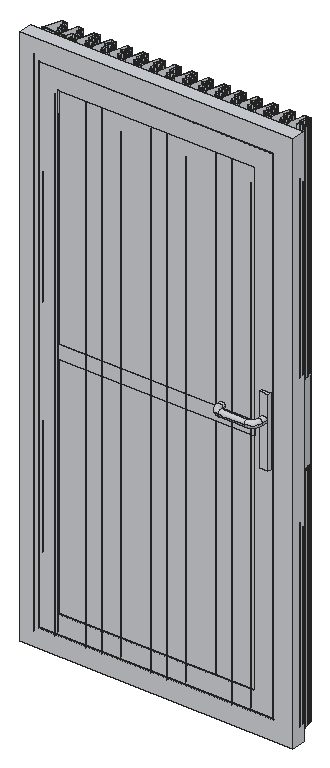
Revit family "NLRS_31_DO_WB_VS50 enkele deur-AV_jazo_jazo", category Doors, host Wall, Revit 2020 (continued)
Definition of nested family "NLRS_31_GM_UN_aluminium planken opbouwroosters-AV"
  Definition of nested family "NLRS_31_GM_UN_tussenplank 200 horizontaal-AV"
    Forms (mm)
      Extrusion 1, solid, material <- "NLRS_C_materiaal"
        sketch origin (0, 0, 0) x (0, 1, 0) y (0, 0, 1)
          loop
            line (14.992, 101.796) -> (14.284, 102.504) -> (14.992, 103.212) -> (14.992, 199.515) -> (12.492, 199.515) -> (12.492, 202.92) -> (7.192, 205) -> (-7.192, 205) -> (-12.508, 202.92) -> (-12.508, 199.515) -> (-15.008, 199.515) -> (-15.008, 103.207) -> (-14.301, 102.5) -> (-15.008, 101.793) -> (-15.008, 0) -> (-13.008, 0) -> (-13.008, 3.21) -> (-7.192, 5.485) -> (7.192, 5.485) -> (12.992, 3.21) -> (12.992, 0) -> (14.992, 0) -> (14.992, 101.796)
          loop
            line (-13.008, 8) -> (12.992, 8) -> (12.992, 16.2) -> (10.492, 16.2) -> (10.492, 18.2) -> (12.992, 18.2) -> (12.992, 103.907) -> (-13.008, 103.907) -> (-13.008, 18.2) -> (-10.508, 18.2) -> (-10.508, 16.2) -> (-13.008, 16.2) -> (-13.008, 8)
          loop
            line (-13.008, 105.907) -> (12.992, 105.907) -> (12.992, 197.515) -> (10.742, 197.515) -> (10.742, 202.3) -> (-10.758, 202.3) -> (-10.758, 197.515) -> (-13.008, 197.515) -> (-13.008, 105.907)
        from -513.5 to 513.5
    Dimensions and locks
      equal spacing: plane 5 "Left", plane 3 "Center (Left/Right)", plane 6 "Right"
      "NLRS_C_breedte": plane 5 "Left" to plane 6 "Right"
      "NLRS_C_hoogte": plane 4 "Top" to plane 2 "Bottom"
      equal spacing: plane 4 "Top", plane 7 "Center (Elevation)", level
      aligned and locked: level to plane 2 "Bottom"
      aligned and locked: plane 5 "Left" to Extrusion 1
      aligned and locked: Extrusion 1 to plane 6 "Right"
    Automatic sketch dimensions
      plane 1 "Center (Front/Back)" to Extrusion 1 sketch curve = 15.008 mm
      Extrusion 1 sketch curve to Extrusion 1 sketch curve = 0 mm  (x5)
      Extrusion 1 sketch curve to Extrusion 1 sketch curve = 0.707 mm  (x2)
      Extrusion 1 sketch curve to Extrusion 1 sketch curve = 2 mm  (x8)
      Extrusion 1 sketch curve to Extrusion 1 sketch curve = 1.293 mm
      Extrusion 1 sketch curve to Extrusion 1 sketch curve = 2.5 mm  (x2)
      Extrusion 1 sketch curve to Extrusion 1 sketch curve = 1.75 mm  (x2)
      Extrusion 1 sketch curve to Extrusion 1 sketch curve = 3.565 mm
      Extrusion 1 sketch curve to Extrusion 1 sketch curve = 5.815 mm
      Extrusion 1 sketch curve to Extrusion 1 sketch curve = 14.385 mm  (x2)
      level to Extrusion 1 sketch curve = 18.2 mm  (x2)
      Extrusion 1 sketch curve to Extrusion 1 sketch curve = 3.3 mm
      Extrusion 1 sketch curve to Extrusion 1 sketch curve = 3.55 mm
      Extrusion 1 sketch curve to Extrusion 1 sketch curve = 5.8 mm
      Extrusion 1 sketch curve to Extrusion 1 sketch curve = 1.292 mm
      Extrusion 1 sketch curve to Extrusion 1 sketch curve = 0.708 mm  (x3)
      Extrusion 1 sketch curve to Extrusion 1 sketch curve = 8.2 mm
      Extrusion 1 sketch curve to Extrusion 1 sketch curve = 2.515 mm
      Extrusion 1 sketch curve to Extrusion 1 sketch curve = 4.79 mm  (x2)
      Extrusion 1 sketch curve to Extrusion 1 sketch curve = 3.21 mm  (x2)
      level to Extrusion 1 sketch curve = 101.793 mm
      Extrusion 1 sketch curve to Extrusion 1 sketch curve = 0.003 mm
      Extrusion 1 sketch curve to Extrusion 1 sketch curve = 1.407 mm
      Extrusion 1 sketch curve to Extrusion 1 sketch curve = 91.607 mm
      Extrusion 1 sketch curve to Extrusion 1 sketch curve = 2.785 mm
      Extrusion 1 sketch curve to Extrusion 1 sketch curve = 0.62 mm  (x2)
      Extrusion 1 sketch curve to Extrusion 1 sketch curve = 2.7 mm
Definition of nested family "NLRS_31_DI_UN_markering"
  Parameters (values of type "NLRS_C_31_DI_markering")
    URL = "www.jazo.com"
    NLRS_C_zichtbaar_01 = if(or(NLRS_C_brandwerend, NLRS_C_zelfsluitend), 1 < 2, 2 < 1)  # no
    NLRS_C_zelfsluitend = no
    NLRS_C_brandwerend = no
    Manufacturer = "JAZO Zevenaar bv"
    Description = "Markering detail"
  Reference planes
    plane 1 "Center (Front/Back)": y = 0
    plane 2: z = 0
    plane 3 "Center (Left/Right)": x = 0
    plane 4 "voorkant kozijn": y = 30
    plane 5 "achterkant kozijn": y = -30
    plane 6 "Right": x = 20
    plane 7 "Left": x = -20
    plane 8 "offset left": x = -25
    plane 9 "offset right": x = 25
    plane 10 "achterkant": y = -129.538
    plane 11 "voorkant": y = 129.538
  Lines and regions (mm)
    detail lines, in view "Ref. Level", visible <- "NLRS_C_zichtbaar_01"
      curve 1: line (0, -129.538, 0) -> (0, 129.538, 0)
    detail lines, in view "Ref. Level", visible <- "NLRS_C_brandwerend"
      curve 2: line (-20, -129.538, 0) -> (20, -101.53, 0)
      curve 3: line (20, -129.538, 0) -> (-20, -101.53, 0)
      curve 4: line (-20, -101.53, 0) -> (20, -73.522, 0)
      curve 5: line (20, -101.53, 0) -> (-20, -73.522, 0)
      curve 6: line (-20, 129.538, 0) -> (20, 101.53, 0)
      curve 7: line (20, 129.538, 0) -> (-20, 101.53, 0)
      curve 8: line (-20, 101.53, 0) -> (20, 73.522, 0)
      curve 9: line (20, 101.53, 0) -> (-20, 73.522, 0)
    detail lines, in view "Ref. Level", visible <- "NLRS_C_zelfsluitend"
      curve 10: line (-25, -70.021, 0) -> (25, -35.01, 0)
      curve 11: line (25, -35.01, 0) -> (-25, 0, 0)
      curve 12: line (-25, 0, 0) -> (25, 35.01, 0)
      curve 13: line (25, 35.01, 0) -> (-25, 70.021, 0)
  Dimensions and locks
    equal spacing: plane 5 "achterkant kozijn", plane 1 "Center (Front/Back)", plane 4 "voorkant kozijn"
    equal spacing: plane 7 "Left", plane 3 "Center (Left/Right)", plane 6 "Right"
    locked: plane 7 "Left" to plane 6 "Right" at 40
    locked: plane 8 "offset left" to plane 7 "Left" at 5
    locked: plane 6 "Right" to plane 9 "offset right" at 5
    equal spacing: plane 11 "voorkant", plane 1 "Center (Front/Back)", plane 10 "achterkant"
    locked: plane 11 "voorkant" to plane 10 "achterkant" at 259.077
    locked: plane 5 "achterkant kozijn" to plane 4 "voorkant kozijn" at 60
    aligned and locked: plane 3 "Center (Left/Right)" to curve 1
  Automatic sketch dimensions
    curve 12 to plane 8 "offset left" = 0 mm
    curve 10 to plane 8 "offset left" = 0 mm
    curve 13 to plane 8 "offset left" = 0 mm
    curve 3 to plane 7 "Left" = 0 mm
    curve 8 to plane 7 "Left" = 0 mm
    curve 9 to plane 7 "Left" = 0 mm
    curve 5 to plane 7 "Left" = 0 mm
    curve 6 to plane 7 "Left" = 0 mm
    curve 8 to plane 6 "Right" = 0 mm
    curve 9 to plane 6 "Right" = 0 mm
    curve 7 to plane 6 "Right" = 0 mm
    curve 2 to plane 6 "Right" = 0 mm
    curve 3 to plane 6 "Right" = 0 mm
    curve 4 to plane 6 "Right" = 0 mm
    curve 13 to plane 9 "offset right" = 0 mm
    curve 11 to plane 9 "offset right" = 0 mm
    plane 5 "achterkant kozijn" to curve 3 = 71.53 mm
    curve 3 to curve 2 = 0 mm
    plane 5 "achterkant kozijn" to curve 10 = 5.01 mm
    plane 1 "Center (Front/Back)" to curve 12 = 0 mm
    curve 12 to plane 4 "voorkant kozijn" = 5.01 mm
    curve 12 to curve 6 = 66.52 mm
    curve 7 to curve 6 = 0 mm
    curve 3 to curve 2 = 28.008 mm
    curve 2 to curve 4 = 28.008 mm
    curve 3 to curve 5 = 28.008 mm
    curve 5 to curve 10 = 3.501 mm
    curve 13 to curve 7 = 31.509 mm
    curve 8 to curve 6 = 28.008 mm
    curve 13 to curve 9 = 3.501 mm
    curve 7 to curve 1 = 28.008 mm
    curve 6 to curve 1 = 0 mm
    curve 1 to curve 7 = 0 mm
    curve 2 to plane 7 "Left" = 0 mm
    curve 2 to curve 3 = 28.008 mm
    curve 1 to curve 3 = 0 mm
Definition of nested family "NLRS_31_GA_UN_error message"
  Parameters (values of type "NLRS_31_GA_UN_error mesage")
    NLRS_C_zichtbaar_10 = if(NLRS_C_zichtbaar_01, 1 < 2, if(NLRS_C_zichtbaar_02, 1 < 2, if(NLRS_C_zichtbaar_03, 1 < 2, if(NLRS_C_zichtbaar_04, 1 < 2, if(NLRS_C_zichtbaar_05, 1 < 2, 2 < 1)))))  # yes
    NLRS_C_zichtbaar_05 = if(and(JAZO_C_aluminium kozijn, NLRS_C_brandwerend), 1 < 2, 2 < 1)  # yes
    NLRS_C_zichtbaar_04 = if(NLRS_C_breedte < NLRS_C_breedte_min, 1 < 2, 2 < 1)  # no
    NLRS_C_zichtbaar_03 = if(NLRS_C_breedte > NLRS_C_breedte_max, 1 < 2, 2 < 1)  # no
    NLRS_C_zichtbaar_02 = if(NLRS_C_hoogte < NLRS_C_hoogte_min, 1 < 2, 2 < 1)  # no
    NLRS_C_zichtbaar_01 = if(NLRS_C_hoogte > NLRS_C_hoogte_max, 1 < 2, 2 < 1)  # no
    NLRS_C_hoogte_min = 1850 mm
    NLRS_C_hoogte_max = 2645 mm
    NLRS_C_hoogte = 2500 mm
    NLRS_C_breedte_min = 850 mm
    NLRS_C_breedte_max = 1661 mm
    NLRS_C_breedte = 1000 mm
    NLRS_C_brandwerend = yes
    JAZO_C_aluminium kozijn = yes
  Reference planes
    plane 1: y = 0
    plane 2: x = 0
  Lines and regions (mm)
    Filled region 1, type "Zwart", not visible
      outline origin (253.64, 140.595, 0) x (1, 0, 0) y (0, 1, 0)
        loop
          line (134.592, 287.146) -> (41.891, 131.062)
          arc (41.891, 131.062) -> (41.863, 128.047) -> (44.47, 126.53) r 3
          line (44.47, 126.53) -> (229.873, 126.53)
          arc (229.873, 126.53) -> (232.48, 128.047) -> (232.452, 131.062) r 3
          line (232.452, 131.062) -> (139.751, 287.146)
          arc (139.751, 287.146) -> (137.171, 288.614) -> (134.592, 287.146) r 3
        loop
          line (62.04, 139.53) -> (212.303, 139.53) -> (137.171, 266.031) -> (62.04, 139.53)
    Filled region 2, type "Geel", not visible
      outline origin (253.64, 140.595, 0) x (1, 0, 0) y (0, 1, 0)
        loop
          line (62.04, 139.53) -> (212.303, 139.53) -> (137.171, 266.031) -> (62.04, 139.53)
    Filled region 3, type "Zwart", not visible
      outline origin (253.64, 140.595, 0) x (1, 0, 0) y (0, 1, 0)
        loop
          line (127.78, 234.406) -> (132.476, 171.156) -> (141.867, 171.156) -> (146.563, 234.406) -> (127.78, 234.406)
        loop
          circle (137.171, 160.994) r 7.044
    Filled region 4, type "Rood 2", visible <- "NLRS_C_zichtbaar_10"
      outline origin (0, 0, 0) x (1, 0, 0) y (0, 1, 0)
        loop
          line (-50, 14) -> (-50, -14) -> (50, -14) -> (50, 14) -> (-50, 14)
  Text (mm)
    text "Error: Height > Max Height" at (-1.89, -0.035, 0), visible <- "NLRS_C_zichtbaar_01"
    text "Error: Height < Min Height" at (-1.89, -0.035, 0), visible <- "NLRS_C_zichtbaar_02"
    text "Error: Width > Max Width" at (-1.89, -6.035, 0), visible <- "NLRS_C_zichtbaar_03"
    text "Error: Width < Min Width" at (-1.89, -6.035, 0), visible <- "NLRS_C_zichtbaar_04"
    text "Error: Aluminium kozijn ≠ brandwerend" at (-1.89, 5.965, 0), visible <- "NLRS_C_zichtbaar_05"
  Dimensions and locks
    equal spacing: Filled region 4 sketch curve, plane 1, Filled region 4 sketch curve
    Filled region 4 sketch curve to Filled region 4 sketch curve = 28 mm
    plane 1 to Filled region 4 sketch curve = 14 mm
    equal spacing: Filled region 4 sketch curve, plane 2, Filled region 4 sketch curve
    Filled region 4 sketch curve to plane 2 = 50 mm
Definition of nested family "NLRS_31_DI_UN_scharnier detail HS50R HJ55"
  Parameters (values of type "scharnier detail")
    URL = "www.jazo.com"
    Manufacturer = "Jazo Zevenaar BV"
    JAZO_C_forster presto kozijn = no
    JAZO_C_aluminium kozijn = yes
    Description = "scharnier detail"
  Reference planes
    plane 1 "Center (Front/Back)": y = 0
    plane 2: z = 0
    plane 3 "Center (Left/Right)": x = 0
    plane 4 "offset": x = 20
  Lines and regions (mm)
    Filled region 1, type "Solid Fill - White", in view "Ref. Level", visible <- "JAZO_C_forster presto kozijn"
      outline origin (0, 0, 0) x (1, 0, 0) y (0, 1, 0)
        loop
          line (95, 0) -> (95, 6)
          arc (95, 6) -> (93.536, 9.536) -> (90, 11) r 5
          line (90, 11) -> (33, 11)
          arc (33, 11) -> (27.343, 13.343) -> (25, 19) r 8
          line (25, 19) -> (25, 64.5) -> (15, 64.5) -> (15, 6) -> (19, 2) -> (44.5, 2) -> (44.5, 0) -> (95, 0)
        loop
          line (15.5, 69.7) -> (24.5, 69.7) -> (24.5, 78.7) -> (15.5, 78.7) -> (15.5, 69.7)
    Filled region 2, type "Solid Fill - White", in view "Ref. Level", visible <- "JAZO_C_forster presto kozijn"
      outline origin (0, 0, 0) x (1, 0, 0) y (0, 1, 0)
        loop
          circle (20, 74) r 9.5
    Filled region 3, type "Solid Fill - White", in view "Ref. Level", visible <- "JAZO_C_aluminium kozijn"
      outline origin (20.01, 81.5, 0) x (1, 0, 0) y (0, 1, 0)
        loop
          arc (-4, -81.5) -> (-3.293, -81.207) -> (-3, -80.5) r 1
          line (-3, -80.5) -> (-3, -12.49)
          arc (-3, -12.49) -> (-2.247, -10.702) -> (-0.442, -9.991) r 2.5
          arc (-0.442, -9.991) -> (1.661, -9.859) -> (3.69, -9.29) r 10
          arc (3.69, -9.29) -> (6.549, -9.038) -> (9.076, -10.4) r 5
          line (9.076, -10.4) -> (12.99, -14.314) -> (12.99, -80.5)
          arc (12.99, -80.5) -> (13.283, -81.207) -> (13.99, -81.5) r 1
          line (13.99, -81.5) -> (19.99, -81.5)
          arc (19.99, -81.5) -> (20.697, -81.207) -> (20.99, -80.5) r 1
          line (20.99, -80.5) -> (20.99, -11) -> (9.99, 0)
          arc (9.99, 0) -> (-1.629, 9.868) -> (-9.486, -3.195) r 10
          arc (-9.486, -3.195) -> (-9.518, -3.668) -> (-9.764, -4.074) r 1
          line (-9.764, -4.074) -> (-13, -7.31) -> (-13, -80.5)
          arc (-13, -80.5) -> (-12.707, -81.207) -> (-12, -81.5) r 1
          line (-12, -81.5) -> (-4, -81.5)
    detail lines, in view "Ref. Level", visible <- "JAZO_C_forster presto kozijn"
      curve 1: arc (11, 74, 0) -> (20, 65, 0) -> (29, 74, 0) r 9
      curve 2: arc (11.5, 74, 0) -> (20, 65.5, 0) -> (28.5, 74, 0) r 8.5
      curve 3: arc (28.5, 74, 0) -> (20, 82.5, 0) -> (11.5, 74, 0) r 8.5
      curve 4: arc (29, 74, 0) -> (20, 83, 0) -> (11, 74, 0) r 9
    detail lines, in view "Ref. Level", visible <- "JAZO_C_aluminium kozijn"
      curve 5: arc (10.524, 78.305, 0) -> (14.168, 73.376, 0) -> (20.004, 71.5, 0) r 10
      curve 6: arc (23.526, 72.137, 0) -> (28.23, 75.798, 0) -> (30.015, 81.485, 0) r 10
  Dimensions and locks
    locked: plane 3 "Center (Left/Right)" to plane 4 "offset" at 20
Definition of nested family "NLRS_31_GM_UN_scharnier aluminium HS50R HJ55-AV"
  Parameters (values of type "scharnier aluminium HS50R HJ55")
    URL = "www.jazo.com"
    NLRS_C_materiaal = none
    Model = ""
    Manufacturer = "JAZO Zevenaar bv"
    JAZO_C_aluminium kozijn = yes
    Description = "scharnier aluminium HS50R HJ55"
    Default Elevation = 0 mm
    Assembly Code = "23.30.40.24.11"
  Reference planes
    plane 1 "Center (Front/Back)": y = 0
    plane 2 "Bottom": z = 0
    plane 3 "Center (Left/Right)": x = 0
    plane 4 "voorkant kozijn": y = -81.5
    plane 5 "Top": z = 180
    plane 6 "Left": x = -20
    plane 7: z = 90
  Forms (mm)
    Extrusion 1, solid, material <- "NLRS_C_materiaal", visible <- "JAZO_C_aluminium kozijn"
      sketch origin (-333.452, 147.952, 0) x (0, -1, 0) y (1, 0, 0)
        loop
          arc (157.242, 337.147) -> (138.898, 337.692) -> (151.05, 323.939) r 10
          arc (151.05, 323.939) -> (151.573, 323.943) -> (152.026, 323.683) r 1
          line (152.026, 323.683) -> (155.262, 320.447) -> (228.452, 320.447)
          arc (228.452, 320.447) -> (229.159, 320.74) -> (229.452, 321.447) r 1
          line (229.452, 321.447) -> (229.452, 329.447)
          arc (229.452, 329.447) -> (229.159, 330.154) -> (228.452, 330.447) r 1
          line (228.452, 330.447) -> (160.442, 330.447)
          arc (160.442, 330.447) -> (158.639, 331.215) -> (157.944, 333.047) r 2.5
          arc (157.944, 333.047) -> (157.809, 335.134) -> (157.242, 337.147) r 10
      from 52.5 to 127.5
    Extrusion 2, solid, material <- "NLRS_C_materiaal", visible <- "JAZO_C_aluminium kozijn"
      sketch origin (-333.462, 147.952, 0) x (0, -1, 0) y (1, 0, 0)
        loop
          arc (147.952, 343.447) -> (142.34, 325.17) -> (157.242, 337.147) r 10
          arc (157.242, 337.147) -> (156.99, 340.006) -> (158.352, 342.533) r 5
          line (158.352, 342.533) -> (162.266, 346.447) -> (228.452, 346.447)
          arc (228.452, 346.447) -> (229.159, 346.74) -> (229.452, 347.447) r 1
          line (229.452, 347.447) -> (229.452, 353.447)
          arc (229.452, 353.447) -> (229.159, 354.154) -> (228.452, 354.447) r 1
          line (228.452, 354.447) -> (158.952, 354.447) -> (147.952, 343.447)
      from 0 to 50
    Extrusion 3, solid, material <- "NLRS_C_materiaal", visible <- "JAZO_C_aluminium kozijn"
      sketch origin (-333.449, 147.952, 0) x (0, -1, 0) y (1, 0, 0)
        loop
          circle (147.952, 333.447) r 10
      from 50 to 52.5
    Extrusion 4, solid, material <- "NLRS_C_materiaal", visible <- "JAZO_C_aluminium kozijn"
      sketch origin (-333.447, 147.952, 0) x (0, -1, 0) y (1, 0, 0)
        loop
          circle (147.952, 333.447) r 10
      from 127.5 to 130
    Extrusion 5, solid, material <- "NLRS_C_materiaal", visible <- "JAZO_C_aluminium kozijn"
      sketch origin (-333.462, 147.952, 0) x (0, -1, 0) y (1, 0, 0)
        loop
          arc (147.952, 343.447) -> (142.34, 325.17) -> (157.242, 337.147) r 10
          arc (157.242, 337.147) -> (156.99, 340.006) -> (158.352, 342.533) r 5
          line (158.352, 342.533) -> (162.266, 346.447) -> (228.452, 346.447)
          arc (228.452, 346.447) -> (229.159, 346.74) -> (229.452, 347.447) r 1
          line (229.452, 347.447) -> (229.452, 353.447)
          arc (229.452, 353.447) -> (229.159, 354.154) -> (228.452, 354.447) r 1
          line (228.452, 354.447) -> (158.952, 354.447) -> (147.952, 343.447)
      from 130 to 180
  Dimensions and locks
    locked: plane 4 "voorkant kozijn" to plane 1 "Center (Front/Back)" at 81.5
    locked: plane 6 "Left" to plane 3 "Center (Left/Right)" at 20
    equal spacing: plane 5 "Top", plane 7, plane 2 "Bottom"
    aligned and locked: level to plane 2 "Bottom"
    aligned and locked: Extrusion 2 to plane 4 "voorkant kozijn"
    aligned and locked: Extrusion 1 to plane 4 "voorkant kozijn"
    aligned and locked: Extrusion 5 to plane 4 "voorkant kozijn"
  Automatic sketch dimensions
    Extrusion 1 sketch curve to Extrusion 1 sketch curve = 0 mm  (x2)
    plane 1 "Center (Front/Back)" to Extrusion 1 sketch curve = 0 mm
    plane 4 "voorkant kozijn" to Extrusion 1 sketch curve = 0 mm
    plane 1 "Center (Front/Back)" to Extrusion 1 sketch curve = 3.367 mm
    Extrusion 1 sketch curve to Extrusion 1 sketch curve = 0.707 mm  (x2)
    Extrusion 1 sketch curve to Extrusion 1 sketch curve = 3.236 mm
    Extrusion 1 sketch curve to plane 3 "Center (Left/Right)" = 0.505 mm
    plane 1 "Center (Front/Back)" to Extrusion 1 sketch curve = 12.49 mm
    Extrusion 1 sketch curve to plane 4 "voorkant kozijn" = 1 mm  (x2)
    Extrusion 1 sketch curve to Extrusion 1 sketch curve = 2.5 mm
    Extrusion 1 sketch curve to plane 3 "Center (Left/Right)" = 9.769 mm
    plane 6 "Left" to Extrusion 1 sketch curve = 7.995 mm
    Extrusion 1 sketch curve to plane 3 "Center (Left/Right)" = 0.005 mm
    Extrusion 1 sketch curve to Extrusion 1 sketch curve = 0.269 mm
    plane 3 "Center (Left/Right)" to Extrusion 1 sketch curve = 3.695 mm
    plane 4 "voorkant kozijn" to Extrusion 2 sketch curve = 0 mm
    Extrusion 2 sketch curve to plane 4 "voorkant kozijn" = 1 mm  (x2)
    plane 1 "Center (Front/Back)" to Extrusion 2 sketch curve = 14.314 mm
    Extrusion 2 sketch curve to Extrusion 2 sketch curve = 0.378 mm
    Extrusion 2 sketch curve to Extrusion 2 sketch curve = 3.314 mm
    Extrusion 2 sketch curve to Extrusion 2 sketch curve = 3.536 mm  (x2)
    Extrusion 2 sketch curve to plane 1 "Center (Front/Back)" = 0 mm
    Extrusion 2 sketch curve to plane 3 "Center (Left/Right)" = 0.015 mm
    plane 3 "Center (Left/Right)" to Extrusion 2 sketch curve = 5.535 mm
    Extrusion 2 sketch curve to Extrusion 2 sketch curve = 3.914 mm
    Extrusion 2 sketch curve to Extrusion 2 sketch curve = 6 mm
    plane 3 "Center (Left/Right)" to Extrusion 2 sketch curve = 3.685 mm
    Extrusion 2 sketch curve to Extrusion 2 sketch curve = 0 mm
    plane 1 "Center (Front/Back)" to Extrusion 3 sketch curve = 0 mm
    Extrusion 3 sketch curve to plane 3 "Center (Left/Right)" = 0.003 mm
    Extrusion 4 sketch curve to plane 3 "Center (Left/Right)" = 0 mm
    plane 1 "Center (Front/Back)" to Extrusion 4 sketch curve = 0 mm
    plane 4 "voorkant kozijn" to Extrusion 5 sketch curve = 0 mm
    Extrusion 5 sketch curve to plane 4 "voorkant kozijn" = 1 mm  (x2)
    plane 1 "Center (Front/Back)" to Extrusion 5 sketch curve = 14.314 mm
    Extrusion 5 sketch curve to Extrusion 5 sketch curve = 0.378 mm
    Extrusion 5 sketch curve to Extrusion 5 sketch curve = 3.314 mm
    Extrusion 5 sketch curve to Extrusion 5 sketch curve = 3.536 mm  (x2)
    Extrusion 5 sketch curve to plane 1 "Center (Front/Back)" = 0 mm
    Extrusion 5 sketch curve to plane 3 "Center (Left/Right)" = 0.015 mm
    plane 3 "Center (Left/Right)" to Extrusion 5 sketch curve = 5.535 mm
    Extrusion 5 sketch curve to Extrusion 5 sketch curve = 3.914 mm
    Extrusion 5 sketch curve to Extrusion 5 sketch curve = 6 mm
    plane 3 "Center (Left/Right)" to Extrusion 5 sketch curve = 3.685 mm
    Extrusion 5 sketch curve to Extrusion 5 sketch curve = 0 mm
    radius of Extrusion 3 sketch curve = 10 mm
    radius of Extrusion 4 sketch curve = 10 mm
Definition of nested family "NLRS_31_GM_UN_door swing"
  Parameters (values of type "door swing")
    URL = "www.jazo.com"
    NLRS_C_hoek [instance] = 50.00°
    NLRS_C_breedte [instance] = 1000 mm
    Model = "Door swing"
    Manufacturer = "JAZO Zevenaar bv"
    Description = "Door swing"
    Default Elevation = 0 mm
  Reference planes
    plane 1 "Center (Front/Back)": y = 0
    plane 2: z = 0
    plane 3 "Center (Left/Right)": x = 0
    plane 4 "Left": x = -1000
  Lines and regions (mm)
    reference lines
      curve 1: line (0, 0, 0) -> (-642.788, 766.044, 0)
    model lines
      curve 2: line (0, 0, 0) -> (-642.788, 766.044, 0)
      curve 3: arc (-1000, 0, 0) -> (-906.308, 422.618, 0) -> (-642.788, 766.044, 0) r 1000
  Dimensions and locks
    "NLRS_C_breedte": plane 4 "Left" to plane 3 "Center (Left/Right)"
    "NLRS_C_breedte": curve 1 to curve 1
    "NLRS_C_hoek": angle curve 1 to plane 1 "Center (Front/Back)"
    aligned and locked: level to plane 2
    aligned and locked: plane 3 "Center (Left/Right)" to curve 1
    aligned and locked: plane 1 "Center (Front/Back)" to curve 1
    aligned and locked: curve 2 to curve 1
    aligned and locked: plane 3 "Center (Left/Right)" to curve 3
    aligned and locked: plane 1 "Center (Front/Back)" to curve 3  (x2)
    aligned and locked: curve 1 to curve 3
    aligned and locked: plane 4 "Left" to curve 3
  Automatic sketch dimensions
    plane 1 "Center (Front/Back)" to curve 2 = 0 mm
Definition of nested family "NLRS_31_DI_UN_beslagbak detail VS50"
  Parameters (values of type "beslagbak detail VS42")
    URL = "www.jazo.com"
    Manufacturer = "JAZO Zevenaar bv"
    JAZO_C_opbouwrooster VS42 = yes
    JAZO_C_forster presto kozijn = yes
    JAZO_C_aluminium kozijn = no
    Description = "beslagbak detail VS42"
  Reference planes
    plane 1 "Center (Front/Back)": y = 0
    plane 2: z = 0
    plane 3 "Center (Left/Right)": x = 0
    plane 4 "alu": y = -70.992
    plane 5 "st": y = -90.992
    plane 6: y = 41.508
    plane 7 "offset r": x = 70.062
  Lines and regions (mm)
    Filled region 1, type "Solid Fill - White", in view "Ref. Level", visible <- "JAZO_C_aluminium kozijn"
      outline origin (0, 41.508, 0) x (1, 0, 0) y (0, 1, 0)
        loop
          line (11, -124.5) -> (16, -124.5) -> (16, -112.5) -> (-16, -112.5) -> (-16, -124.5) -> (-11, -124.5) -> (-11, -146.5)
          arc (-11, -146.5) -> (-15.027, -156.222) -> (-24.749, -160.249) r 13.749
          line (-24.749, -160.249) -> (-120.749, -160.249)
          arc (-120.749, -160.249) -> (-130.471, -156.222) -> (-134.497, -146.5) r 13.749
          line (-134.497, -146.5) -> (-134.497, -135.5) -> (-156.497, -135.5) -> (-156.497, -146.5)
          arc (-156.497, -146.5) -> (-146.027, -171.778) -> (-120.749, -182.249) r 35.749
          line (-120.749, -182.249) -> (-24.749, -182.249)
          arc (-24.749, -182.249) -> (0.529, -171.778) -> (11, -146.5) r 35.749
          line (11, -146.5) -> (11, -124.5)
    Filled region 2, type "Solid Fill - White", in view "Ref. Level", visible <- "JAZO_C_forster presto kozijn"
      outline origin (0, 21.508, 0) x (1, 0, 0) y (0, 1, 0)
        loop
          line (11, -124.5) -> (16, -124.5) -> (16, -112.5) -> (-16, -112.5) -> (-16, -124.5) -> (-11, -124.5) -> (-11, -146.5)
          arc (-11, -146.5) -> (-15.027, -156.222) -> (-24.749, -160.249) r 13.749
          line (-24.749, -160.249) -> (-120.749, -160.249)
          arc (-120.749, -160.249) -> (-130.471, -156.222) -> (-134.497, -146.5) r 13.749
          line (-134.497, -146.5) -> (-134.497, -135.5) -> (-156.497, -135.5) -> (-156.497, -146.5)
          arc (-156.497, -146.5) -> (-146.027, -171.778) -> (-120.749, -182.249) r 35.749
          line (-120.749, -182.249) -> (-24.749, -182.249)
          arc (-24.749, -182.249) -> (0.529, -171.778) -> (11, -146.5) r 35.749
          line (11, -146.5) -> (11, -124.5)
    Filled region 3, type "Solid Fill - White", in view "Ref. Level", visible <- "JAZO_C_opbouwrooster VS42"
      outline origin (0, 41.508, 0) x (1, 0, 0) y (0, 1, 0)
        loop
          line (-25, -25.5) -> (-11, -25.5) -> (-11, -55.5) -> (-16, -55.5) -> (-16, -67.5) -> (16, -67.5) -> (16, -55.5) -> (11, -55.5) -> (11, -25.5) -> (25, -25.5) -> (25, -9.5) -> (-25, -9.5) -> (-25, -25.5)
    Filled region 4, type "Solid Fill - White", in view "Ref. Level"
      outline origin (0, 107.701, 0) x (1, 0, 0) y (0, 1, 0)
        loop
          line (-63.376, -119.396) -> (-63.376, -137.692) -> (20.503, -137.692) -> (39.18, -67.992) -> (54.698, -67.992) -> (68.293, -118.729)
          arc (68.293, -118.729) -> (69.395, -119.365) -> (70.032, -118.263) r 0.9
          line (70.032, -118.263) -> (56.278, -66.934)
          arc (56.278, -66.934) -> (55.921, -66.399) -> (55.312, -66.192) r 1
          line (55.312, -66.192) -> (36.847, -66.192)
          arc (36.847, -66.192) -> (36.238, -66.399) -> (35.881, -66.934) r 1
          line (35.881, -66.934) -> (33.407, -76.165) -> (-0.748, -76.165) -> (-3.222, -66.934)
          arc (-3.222, -66.934) -> (-3.579, -66.399) -> (-4.188, -66.192) r 1
          line (-4.188, -66.192) -> (-22.653, -66.192)
          arc (-22.653, -66.192) -> (-23.262, -66.399) -> (-23.619, -66.934) r 1
          line (-23.619, -66.934) -> (-37.677, -119.396) -> (-63.376, -119.396)
    detail lines, in view "Ref. Level", visible <- "JAZO_C_aluminium kozijn"
      curve 1: line (-16, -82.992, 0) -> (16, -82.992, 0)
    detail lines, in view "Ref. Level", visible <- "JAZO_C_forster presto kozijn"
      curve 2: line (-16, -102.992, 0) -> (16, -102.992, 0)
    detail lines, in view "Ref. Level", visible <- "JAZO_C_opbouwrooster VS42"
      curve 3: line (-11, 16.008, 0) -> (11, 16.008, 0)
      curve 4: line (-11, -13.992, 0) -> (11, -13.992, 0)
    detail lines, in view "Ref. Level"
      curve 5: line (-59.41, -11.695, 0) -> (-59.41, -25.992, 0)
      curve 6: line (-59.41, -25.992, 0) -> (17.993, -25.992, 0)
      curve 7: line (17.993, -25.992, 0) -> (33.407, 31.535, 0)
  Dimensions and locks
    plane 4 "alu" to plane 1 "Center (Front/Back)" = 70.992 mm
    plane 4 "alu" to plane 5 "st" = 20 mm
    locked: plane 1 "Center (Front/Back)" to plane 6 at 41.508
    locked: plane 3 "Center (Left/Right)" to plane 7 "offset r" at 70.062
Definition of nested family "NLRS_31_GA_UN_error message paniekfunctie"
  Parameters (values of type "error message")
    NLRS_C_zichtbaar_01 = if(and(JAZO_C_paniekfunctie, JAZO_C_ventilerend, NLRS_C_inbraakwerend), 1 < 2, 2 < 1)  # yes
    NLRS_C_inbraakwerend = yes
    JAZO_C_ventilerend = yes
    JAZO_C_paniekfunctie = yes
  Reference planes
    plane 1: y = 0
    plane 2: x = 0
  Lines and regions (mm)
    Filled region 1, type "Zwart", not visible
      outline origin (253.64, 140.595, 0) x (1, 0, 0) y (0, 1, 0)
        loop
          line (134.592, 287.146) -> (41.891, 131.062)
          arc (41.891, 131.062) -> (41.863, 128.047) -> (44.47, 126.53) r 3
          line (44.47, 126.53) -> (229.873, 126.53)
          arc (229.873, 126.53) -> (232.48, 128.047) -> (232.452, 131.062) r 3
          line (232.452, 131.062) -> (139.751, 287.146)
          arc (139.751, 287.146) -> (137.171, 288.614) -> (134.592, 287.146) r 3
        loop
          line (62.04, 139.53) -> (212.303, 139.53) -> (137.171, 266.031) -> (62.04, 139.53)
    Filled region 2, type "Geel", not visible
      outline origin (253.64, 140.595, 0) x (1, 0, 0) y (0, 1, 0)
        loop
          line (62.04, 139.53) -> (212.303, 139.53) -> (137.171, 266.031) -> (62.04, 139.53)
    Filled region 3, type "Zwart", not visible
      outline origin (253.64, 140.595, 0) x (1, 0, 0) y (0, 1, 0)
        loop
          line (127.78, 234.406) -> (132.476, 171.156) -> (141.867, 171.156) -> (146.563, 234.406) -> (127.78, 234.406)
        loop
          circle (137.171, 160.994) r 7.044
    Filled region 4, type "Rood 2", visible <- "NLRS_C_zichtbaar_01"
      outline origin (0, 0, 0) x (1, 0, 0) y (0, 1, 0)
        loop
          line (-50, 14) -> (-50, -14) -> (50, -14) -> (50, 14) -> (-50, 14)
  Text (mm)
    text "De combinatie tussen inbraakwerend, ventilerend en paniekfunctie kan niet worden toegepast.\n1 van deze onderdelen moet worden uitgezet.\nVoor specificaties of mogelijkheden, neem contact op. " at (-0.015, -2.617, 0), visible <- "NLRS_C_zichtbaar_01"
    text "Error: paniekfunctie" at (-1.89, 5.965, 0), visible <- "NLRS_C_zichtbaar_01"
  Dimensions and locks
    equal spacing: Filled region 4 sketch curve, plane 1, Filled region 4 sketch curve
    Filled region 4 sketch curve to Filled region 4 sketch curve = 28 mm
    plane 1 to Filled region 4 sketch curve = 14 mm
    equal spacing: Filled region 4 sketch curve, plane 2, Filled region 4 sketch curve
    Filled region 4 sketch curve to plane 2 = 50 mm
